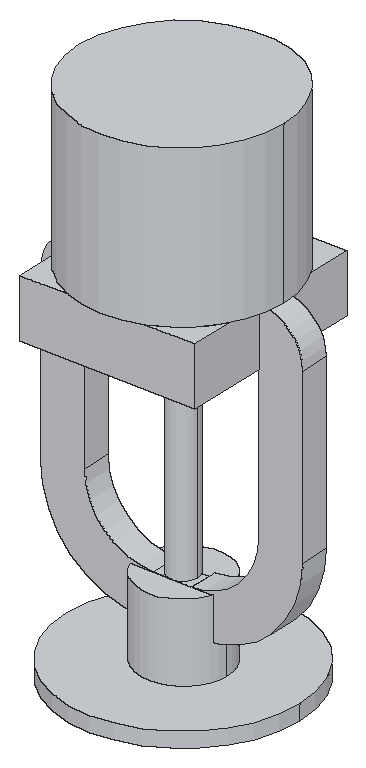
Revit family
Parameters (values of type "RASCO F156 PENDENT")
  Temperature Rating = 175 °F
  Response = (empty or 0)
  RASCO SIN # = "RA1314"
  RASCO Part # = "F56P5B"
  Pressure Rating = "175 PSI"
  Pressure Class = (empty or 0)
  Orifice Size = 1/2"
  Orifice = (empty or 0)
  Model = "F156"
  Manufacturer = "RASCO"
  K-Factor = 5.6
  Description = "Bronze Finish"
  Coverage = (empty or 0)
Reference planes (in)
  plane 1 "Center (Front/Back)": y = 0
  plane 2: z = 0
  plane 3 "Center (Left/Right)": x = 0
Dimensions and locks (in)
  aligned and locked: plane 2 to level
Nested families (in)
  nested 1: "F56P5B" at (-0.0113, 0, 2.4375) x (-1, 0, 0) z (0, 0, -1), type "RASCO F156 PENDENT"
Connectors (in)
  piping at (-0.0113, 0, 2.4375)
    settings: on nested 1, index 1, connector radius 55/128", flow factor 0, pipe flow 0 GPM, pressure drop 0.00 psi, fitting loss kfactor 0, connector angle 0.00°, fixture units 0, flow configuration 0, flow direction 0, fitting loss method 0, system type 7, connector reference index -1, connector utility 0, adjustable connector no, is connector primary yes, fitting loss table "", connector description ""
Definition of nested family "F56P5B"
  Parameters (values of type "RASCO F156 PENDENT")
    Type Comments = ""
    Temperature Rating = 0 °F
    Response = (empty or 0)
    Pressure Rating = "0"
    Pressure Class = (empty or 0)
    Orifice Size = 0"
    Orifice = (empty or 0)
    Model = ""
    Manufacturer = ""
    K-Factor = 0
    Description = ""
    Coverage = (empty or 0)
    Assembly Code = ""
  Reference planes (in)
    plane 1 "Center (Front/Back)": y = 0
    plane 2: z = 0
    plane 3 "ref.2": z = 0.6875
    plane 4 "ref.3": z = 0.9375
    plane 5: x = -0.38065
    plane 6: x = 0.36935
    plane 7 "ref. side 1": y = 0.06402
    plane 8 "ref. side 2": y = -0.06098
    plane 9 "ref.4": z = 1.875
    plane 10 "ref.5": z = 2.3125
    plane 11 "ref.6": z = 2.4375
  Forms (in)
    Extrusion 1, solid
      sketch origin (0, 0, 0) x (1, 0, 0) y (0, 1, 0)
        loop
          circle (0, 0) r 0.4379
      from 0 to 0.6875
    Extrusion 2, solid
      sketch origin (-0.12185, 0.05177, 0.6875) x (1, 0, 0) y (0, 1, 0)
        loop
          line (-0.2588, 0.356) -> (-0.2588, -0.4565) -> (0.4912, -0.4565) -> (0.4912, 0.356) -> (-0.2588, 0.356)
      from 0 to 0.25
    Extrusion 3, solid
      sketch origin (0, 0, 0) x (1, 0, 0) y (0, 0, 1)
        loop
          line (-0.38065, 0.68754) -> (-0.38065, 1.58397)
          arc (-0.38065, 1.58397) -> (-0.29541, 1.78976) -> (-0.08962, 1.875) r 0.29103
          line (-0.08962, 1.875) -> (0.07524, 1.875)
          arc (0.07524, 1.875) -> (0.28321, 1.78886) -> (0.36935, 1.58089) r 0.29411
          line (0.36935, 1.58089) -> (0.36935, 0.68751)
          arc (0.36935, 0.68751) -> (0.50207, 0.74393) -> (0.55685, 0.87734) r 0.18984
          line (0.55685, 0.87734) -> (0.55685, 1.61676)
          arc (0.55685, 1.61676) -> (0.42629, 1.93194) -> (0.11111, 2.0625) r 0.44574
          line (0.11111, 2.0625) -> (-0.12259, 2.0625)
          arc (-0.12259, 2.0625) -> (-0.43765, 1.932) -> (-0.56815, 1.61694) r 0.44556
          line (-0.56815, 1.61694) -> (-0.56815, 0.87876)
          arc (-0.56815, 0.87876) -> (-0.51345, 0.74486) -> (-0.38065, 0.68754) r 0.19126
      from -0.06402 to 0.06098
    Extrusion 4, solid
      sketch origin (0, 0, 0.9375) x (-1, 0, 0) y (0, -1, 0)
        loop
          circle (0.00574, -0.00152) r 0.0625
      from 0 to 0.9375
    Extrusion 5, solid
      sketch origin (0, 0, 1.875) x (-1, 0, 0) y (0, -1, 0)
        loop
          circle (0.00574, -0.00152) r 0.1875
      from 0 to 0.4375
    Extrusion 6, solid
      sketch origin (0, 0, 2.3125) x (0, -1, 0) y (1, 0, 0)
        loop
          circle (-0.00152, -0.00574) r 0.5
      from -0.10531 to -0.03987
  Cuts and joins
    joined: Extrusion 1, Extrusion 2, Extrusion 4
  Lines and regions (in)
    model lines
      curve 1: line (-0.00574, 0.06402, 1.875) -> (-0.00574, -0.06098, 1.875)
